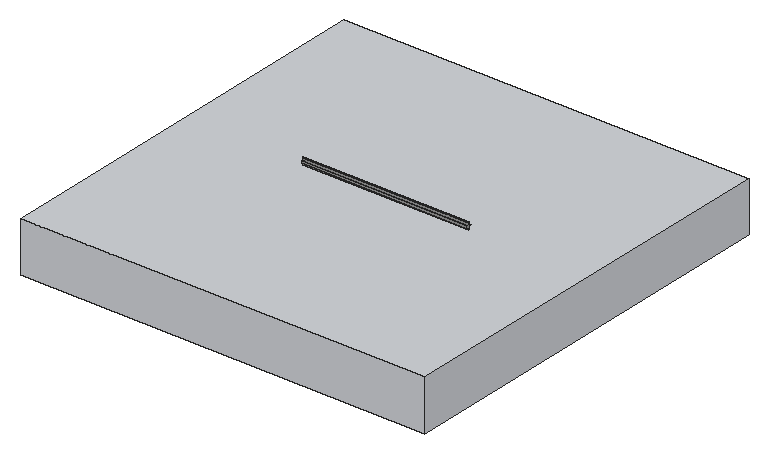
Revit family "LAMP_PUZZLE TR FRAME PROFILE", category Modelos genéricos, Revit 2015
Parameters (values of type "1M BLACK")
  Weight = 0.38 kg
  Product datasheet = "http://www.lamp.es/product-files/TECH/PUTRFRPR1000B-EN.pdf"
  Product code = "PUTRFRPR1000B"
  Modelo = Product code  # "PUTRFRPR1000B"
  Material marco = LAMP_Aluminio frame Puzzle BL
  Manufacturer name = "LAMP"
  Manufacturer country = "Spain"
  Manufacturer URL = "http://www.lamp.es/en"
  Last update = "25/07/2018"
  Installation instructions = "http://www.lamp.es/product-files/INS/1001240-C-INSTR.%20MARCO%20OCULTO%20PUZZLE.pdf"
  Finish = "Shiny black"
  Fabricante = Manufacturer name  # "LAMP"
  Default Elevation = 1219.2 mm
  Distancia = 1000 mm
  Dimensions = "1 m"
  Descripción = "PUZZLE ACC. HIDDEN FRAME PROFILE 1M BK."
  Accessory Type = "Assembly"
Types (4, lengths in mm): name | Weight | Product datasheet | Product code | Modelo | Material marco | Finish | Distancia | Dimensions | Descripción
  1M BLACK | 0.38 kg | "http://www.lamp.es/product-files/TECH/PUTRFRPR1000B-EN.pdf" | "PUTRFRPR1000B" | "PUTRFRPR1000B" | LAMP_Aluminio frame Puzzle BL | "Shiny black" | 1000 | "1 m" | "PUZZLE ACC. HIDDEN FRAME PROFILE 1M BK."
  1M WHITE | 0.38 kg | "http://www.lamp.es/product-files/TECH/PUTRFRPR1000W-EN.pdf" | "PUTRFRPR1000W" | "PUTRFRPR1000W" | LAMP_Aluminio frame Puzzle WH | "Shiny white" | 1000 | "1 m" | "PUZZLE ACC. HIDDEN FRAME PROFILE 1M WH."
  3M BLACK | 1.15 kg | "http://www.lamp.es/product-files/TECH/PUTRFRPR3000B-EN.pdf" | "PUTRFRPR3000B" | "PUTRFRPR3000B" | LAMP_Aluminio frame Puzzle BL | "Shiny black" | 3000 | "3 m" | "PUZZLE ACC. HIDDEN FRAME PROFILE 3M BK."
  3M WHITE | 1.15 kg | "http://www.lamp.es/product-files/TECH/PUTRFRPR3000W-EN.pdf" | "PUTRFRPR3000W" | "PUTRFRPR3000W" | LAMP_Aluminio frame Puzzle WH | "Shiny white" | 3000 | "3 m" | "PUZZLE ACC. HIDDEN FRAME PROFILE 3M WH."
Reference planes
  plane 1 "Centro (Frontal/Posterior)": y = 0
  plane 2: z = 0
  plane 3 "Centro (Izquierda/Derecha)": x = 0
Forms (mm)
  Extrusion 1, solid
    sketch origin (0, 0, 0) x (1, 0, 0) y (0, 1, 0)
      loop
        line (-1219.2, 1219.2) -> (-1219.2, -1219.2) -> (1219.2, -1219.2) -> (1219.2, 1219.2) -> (-1219.2, 1219.2)
    from 0 to -304.8
  Sweep 2, solid, material "LAMP_Aluminio frame Puzzle BL" <- "Material marco"
    path origin (0, 0, 0) x (1, 0, 0) y (0, 1, 0)
      loop
        line (-500, 0) -> (500, 0)
    profile origin (0, 0, 0) x (0, 1, 0) y (0, 0, 1)
      loop
        line (0, 15.1) -> (4.8, 15.1) -> (4.8, 16.4) -> (1.3, 16.4) -> (1.3, 20) -> (12.2, 20) -> (12.2, 0) -> (13.5, 0) -> (13.5, 22.1) -> (23.5, 22.1) -> (23.5, 23.4) -> (13.5, 23.4) -> (13.5, 41.8) -> (12.2, 41.8) -> (12.2, 21.8) -> (1.3, 21.8) -> (1.3, 25.4) -> (4.8, 25.4) -> (4.8, 26.7) -> (0, 26.7) -> (0, 15.1)
Text (mm)
  text "Any modification of the parameters and properties of the LAMP BIM models must be executed and validated by the LAMP technical department.\n\nPhone: +34 93 736 68 00\n\nE-mail: lamp@lamp.es\n\n\n\nLAMP reserves the right to modify the technical specifications of its products." at (-16801.155, 18450.172, -8893.725), in view "Preview"
Dimensions and locks
  "Distancia": Sweep 2 sketch curve to Sweep 2 sketch curve
  equal spacing: Sweep 2 sketch curve, plane 3 "Centro (Izquierda/Derecha)", Sweep 2 sketch curve
  aligned and locked: plane 2 to Extrusion 1
  aligned and locked: level to Extrusion 1
Automatic sketch dimensions
  Extrusion 1 sketch curve to Extrusion 1 sketch curve = 2438.4 mm  (x2)
  Sweep 2 sketch curve to profile plane = 0 mm
  Sweep 2 sketch curve to level = 0 mm
  Sweep 2 sketch curve to profile plane = 1.3 mm  (x2)
  Sweep 2 sketch curve to Sweep 2 sketch curve = 3.5 mm  (x2)
  Sweep 2 sketch curve to Sweep 2 sketch curve = 7.4 mm
  Sweep 2 sketch curve to Sweep 2 sketch curve = 0 mm
  Sweep 2 sketch curve to Sweep 2 sketch curve = 1.3 mm  (x5)
  Sweep 2 sketch curve to Sweep 2 sketch curve = 10 mm
  level to Sweep 2 sketch curve = 15.1 mm
  Sweep 2 sketch curve to Sweep 2 sketch curve = 3.6 mm  (x2)
  Sweep 2 sketch curve to Sweep 2 sketch curve = 1.8 mm
  Sweep 2 sketch curve to Sweep 2 sketch curve = 0.3 mm
  Sweep 2 sketch curve to Sweep 2 sketch curve = 15.1 mm
  plane 1 "Centro (Frontal/Posterior)" to Sweep 2 sketch curve = 0 mm
